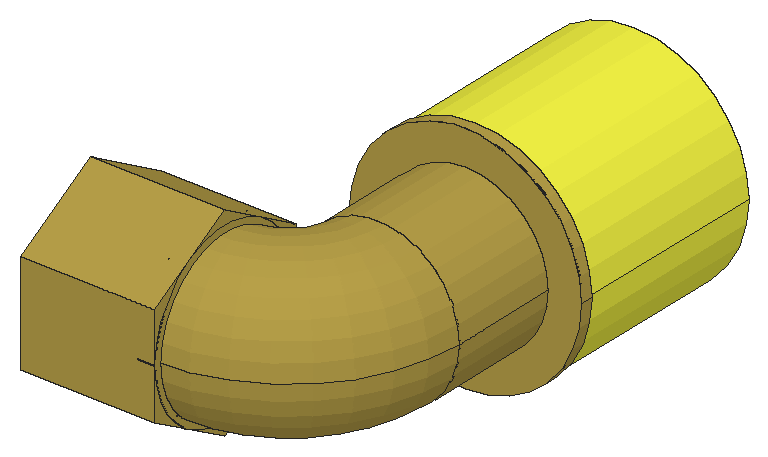
Revit family "Фитинг_Weser_Угольник 90° с внутренней резьбой", category Соединительные детали трубопроводов, Revit 2020
Family settings
  Размер круглого соединителя = Использовать диаметр
  Тип детали = Отвод
  Номер OmniClass = 23.60.30.11.14
  Заголовок OmniClass = Pipework Fittings
  На основе рабочей плоскости = Нет
  Всегда вертикально = Да
  При загрузке вырезать с полостями = Нет
  Общий = Нет
Parameters (values of type "Латунь")
  Отметка по умолчанию = 0 mm
  Материал = Латунь
  i1 [instance] = B / sqrt(3)  # 17.321 mm
  i [instance] = G / sqrt(3)  # 22.979 mm
  WSR_D2 [instance] = 25 mm
  WSR_D1 [instance] = 32 mm
  Rt1 [instance] = size_lookup(LT, "Rt", 4 mm, WSR_D1, WSR_D2)  # 2 mm
  Rt [instance] = not(Lt)  # yes
  Lt1 [instance] = size_lookup(LT, "Lt", 4 mm, WSR_D1, WSR_D2)  # 3 mm
  Lt [instance] = Rt1 > 2 mm  # no
  URL = "https://www.weser.ru/about/documentation/"
  Type Image = (empty or 0)
  Model = ""
  Manufacturer = ""
  R [instance] = size_lookup(LT, "R", WSR_D2, WSR_D1, WSR_D2)  # 25.5 mm
  LT = "Фитинг_Weser_Угольник 90° с внутренней резьбой(Наименование)"
  T [instance] = WSR_D1 - 4 mm  # 28 mm
  G [instance] = size_lookup(LT, "G", WSR_D2 + 3 mm, WSR_D1, WSR_D2)  # 39.8 mm
  B [instance] = size_lookup(LT, "B", WSR_D1 + 3 mm, WSR_D1, WSR_D2)  # 30 mm
  A [instance] = size_lookup(LT, "A", WSR_D1 - 3 mm, WSR_D1, WSR_D2)  # 25 mm
  Description = ""
  F [instance] = size_lookup(LT, "F", WSR_D2 * 2, WSR_D1, WSR_D2)  # 68 mm
  E [instance] = size_lookup(LT, "E", WSR_D2 * 1.5, WSR_D1, WSR_D2)  # 32.2 mm
  D [instance] = size_lookup(LT, "D", WSR_D1 * 2, WSR_D1, WSR_D2)  # 37 mm
  C [instance] = size_lookup(LT, "C", WSR_D1 - 3 mm, WSR_D1, WSR_D2)  # 20 mm
  ADSK_Наименование краткое [instance] = "Уг. НР"  # constant formula
  ADSK_Наименование [instance] = size_lookup(LT, "", "не найдено", WSR_D1, WSR_D2)  # "Угольник 90° с внутренней  резьбой 32-R1''ВР"
  ADSK_Масса [instance] = 0
  ADSK_Марка = "WESERpex"  # constant formula
  ADSK_Код изделия [instance] = size_lookup(LT, "art", "не найдено", WSR_D1, WSR_D2)  # "520123"
  ADSK_Завод-изготовитель = "Weser"  # constant formula
  ADSK_Единица измерения = "шт."  # constant formula
  ADSK_Группирование [instance] = ""
  ADSK_URL страницы изделия [instance] = ""
  ADSK_URL документации изделия [instance] = ""
Reference planes
  plane 1 "Center (Front/Back)": y = 0
  plane 2: z = 0
  plane 3 "Center (Left/Right)": x = 0
  plane 4: x = -37
  plane 5 "b2": y = 35.8
  plane 6 "b1": x = -17
  plane 7: y = 68
  plane 8: y = 14
  plane 9: y = -14
  plane 10: x = -14
  plane 11: x = 14
  plane 12: x = -14
  plane 13: y = 33.8
Forms (mm)
  Sweep 1, solid, material "Латунь" <- "Материал", detail levels fine
    path in 3D
      loop
        line (-17, 0, 0) -> (-15, 0, 0)
        arc (-15, 0, 0) -> (-4.393, 4.393, 0) -> (0, 15, 0) r 15
        line (0, 15, 0) -> (0, 35.8, 0)
    profile origin (-16, 0, 0) x (0, 1, 0) y (0, 0, 1)
      loop
        circle (0, 0) r 14
  Extrusion 2, solid, material "Латунь" <- "Материал", detail levels fine
    sketch origin (-17, 5.999, 1200) x (0, -1, 0) y (0, 0, 1)
      loop
        circle (5.999, -1200) r 12.5
    from 0 to 20
  Sweep 3, solid, material "Латунь" <- "Материал", detail levels fine
    path origin (0, 0, 0) x (1, 0, 0) y (0, 1, 0)
      loop
        line (0, 68) -> (0, 35.8)
    profile origin (0, 51.9, 0) x (1, 0, 0) y (0, 0, 1)
      loop
        circle (0, 0) r 12.75
  Extrusion 4, solid, material "Латунь" <- "Материал", detail levels fine
    sketch origin (-17, 5.999, 1200) x (0, -1, 0) y (0, 0, 1)
      loop
        circle (5.999, -1200) r 15
    from 0 to -3
  Extrusion 5, solid, material "Латунь" <- "Материал", detail levels fine
    sketch origin (-76.651, 35.8, 1200) x (-1, 0, 0) y (0, 0, 1)
      loop
        circle (-76.651, -1200) r 19.9
    from 0 to -2
  Extrusion 6, solid, material "Латунь" <- "Материал", visible <- "Lt", detail levels fine
    sketch origin (-76.651, 35.8, 1200) x (-1, 0, 0) y (0, 0, 1)
      loop
        line (-96.551, -1211.489) -> (-76.651, -1222.979) -> (-56.751, -1211.489) -> (-56.751, -1188.511) -> (-76.651, -1177.021) -> (-96.551, -1188.511) -> (-96.551, -1211.489)
    from 32.2 to -2
  Extrusion 7, solid, material "Латунь" <- "Материал", visible <- "Rt", detail levels fine
    sketch origin (-17, 5.999, 1200) x (0, -1, 0) y (0, 0, 1)
      loop
        line (20.999, -1191.34) -> (5.999, -1182.679) -> (-9.001, -1191.34) -> (-9.001, -1208.66) -> (5.999, -1217.321) -> (20.999, -1208.66) -> (20.999, -1191.34)
    from 20 to -3
Lines and regions (mm)
  reference lines
    curve 1: line (-17, 0, 0) -> (-15, 0, 0)
    curve 2: line (0, 68, 0) -> (0, 15, 0)
    curve 3: arc (-15, 0, 0) -> (-4.393, 4.393, 0) -> (0, 15, 0) r 15
  sketch lines
    curve 4: line (-17, 0, 0) -> (-15, 0, 0)
    curve 5: arc (-15, 0, 0) -> (-4.393, 4.393, 0) -> (0, 15, 0) r 15
    curve 11: line (0, 35.8, 0) -> (0, 15, 0)
  model lines, detail levels coarse+medium
    curve 6: line (-17, 0, 0) -> (-15, 0, 0)
    curve 7: line (0, 35.8, 0) -> (0, 15, 0)
    curve 8: line (-14, 35.8, 0) -> (14, 35.8, 0)
    curve 9: line (-17, 14, 0) -> (-17, -14, 0)
    curve 10: arc (-15, 0, 0) -> (-4.393, 4.393, 0) -> (0, 15, 0) r 15
Dimensions and locks
  "E": plane 5 "b2" to plane 7
  "C": plane 4 to plane 6 "b1"
  "F": plane 1 "Center (Front/Back)" to plane 7
  "D": plane 4 to plane 3 "Center (Left/Right)"
  equal spacing: plane 8, plane 1 "Center (Front/Back)", plane 9
  "T": plane 8 to plane 9
  equal spacing: plane 10, plane 3 "Center (Left/Right)", plane 11
  "T": plane 10 to plane 11
  locked: curve 3 to plane 10 at 1
  locked: curve 3 to plane 8 at 1
  "Lt1": plane 6 "b1" to plane 12
  "Rt1": plane 5 "b2" to plane 13
  equal spacing: Extrusion 6 sketch curve, curve 10, Extrusion 6 sketch curve  (x2)
  equal spacing: Extrusion 6 sketch curve, plane 3 "Center (Left/Right)", Extrusion 6 sketch curve
  "G": Extrusion 6 sketch curve to Extrusion 6 sketch curve  (x3)
  "i": Extrusion 6 sketch curve to Extrusion 6 sketch curve  (x6)
  equal spacing: Extrusion 7 sketch curve, plane 1 "Center (Front/Back)", Extrusion 7 sketch curve
  equal spacing: Extrusion 7 sketch curve, curve 10, Extrusion 7 sketch curve  (x2)
  "B": Extrusion 7 sketch curve to Extrusion 7 sketch curve  (x3)
  "i1": Extrusion 7 sketch curve to Extrusion 7 sketch curve  (x6)
  "T": diameter of Sweep 1 sketch curve
  "A": diameter of Extrusion 2 sketch curve
  "R": diameter of Sweep 3 sketch curve
  "B": diameter of Extrusion 4 sketch curve
  "G": diameter of Extrusion 5 sketch curve
  aligned and locked: level to plane 2
  aligned and locked: plane 6 "b1" to curve 1
  aligned and locked: plane 6 "b1" to curve 6
  aligned and locked: plane 1 "Center (Front/Back)" to curve 6
  aligned and locked: curve 7 to plane 3 "Center (Left/Right)"
  aligned and locked: plane 9 to curve 9
  aligned and locked: plane 6 "b1" to curve 9
  aligned and locked: plane 11 to curve 8
  aligned and locked: Extrusion 2 to plane 4
  aligned and locked: curve 10 to curve 3
  aligned and locked: plane 7 to Sweep 3 sketch curve
  aligned and locked: plane 5 "b2" to Sweep 3 sketch curve
  aligned and locked: Sweep 3 sketch curve to plane 3 "Center (Left/Right)"
  aligned and locked: plane 5 "b2" to nested 2
  aligned and locked: plane 6 "b1" to nested 1
  aligned and locked: nested 1 to plane 1 "Center (Front/Back)"
  aligned and locked: plane 3 "Center (Left/Right)" to nested 2
  aligned and locked: plane 12 to Extrusion 4
  aligned and locked: Extrusion 5 to plane 13
  aligned and locked: Extrusion 6 to plane 13
  aligned and locked: plane 12 to Extrusion 7
  aligned and locked: plane 7 to Extrusion 6
  aligned and locked: Extrusion 7 to plane 4
Automatic sketch dimensions
  curve 8 to plane 10 = 0 mm
  curve 9 to plane 8 = 0 mm
  plane 10 to curve 6 = 1 mm
  curve 7 to plane 5 "b2" = 0 mm
  curve 2 to plane 3 "Center (Left/Right)" = 0 mm
  curve 2 to plane 7 = 0 mm
  Sweep 1 sketch curve to profile plane = 0 mm  (x2)
  Extrusion 2 sketch curve to level = 0 mm
  Extrusion 2 sketch curve to plane 1 "Center (Front/Back)" = 0 mm
  Sweep 3 sketch curve to level = 0 mm
  profile plane to Sweep 3 sketch curve = 0 mm
  Extrusion 4 sketch curve to level = 0 mm
  Extrusion 4 sketch curve to plane 1 "Center (Front/Back)" = 0 mm
  Extrusion 5 sketch curve to level = 0 mm
  Extrusion 5 sketch curve to plane 3 "Center (Left/Right)" = 0 mm
Nested families
  nested 1: "Фитинг_Weser_Гильза монтажная, латунь" at (-17, 0, 0) x (-1, 0, 0) z (0, 0, 1), ADSK_Диаметр условный <- "WSR_D2", ADSK_Группирование <- "ADSK_Группирование", visible <- "Lt", Видимость <- "Lt", type "Желтая"
    with Радиус Наружный 17 mm, Радиус Внутренний 12.7 mm, ADSK_Наименование "Гильза монтажная DN25", Длина 25 mm, Видимость no, ADSK_Примечание "", ADSK_Масса_Текст "", ADSK_Код изделия "520031", ADSK_Диаметр условный 25 mm, ADSK_Группирование "", ADSK_URL страницы изделия "", ADSK_URL документации изделия ""
  nested 2: "Фитинг_Weser_Гильза монтажная, латунь" at (0, 35.8, 0) x (0, 1, 0) z (0, 0, 1), ADSK_Диаметр условный <- "WSR_D1", ADSK_Группирование <- "ADSK_Группирование", visible <- "Rt", Видимость <- "Rt", type "Желтая"
    with Радиус Наружный 19.5 mm, Радиус Внутренний 16.4 mm, ADSK_Наименование "Гильза монтажная DN32", Длина 34 mm, Видимость yes, ADSK_Примечание "", ADSK_Масса_Текст "", ADSK_Код изделия "520032", ADSK_Диаметр условный 32 mm, ADSK_Группирование "", ADSK_URL страницы изделия "", ADSK_URL документации изделия ""
Connectors
  piping at (0, 35.8, 0), diameter 25, driven by "WSR_D2"
    settings: on Sweep 1, index 1, connector inside diameter 609.6 mm, connector length 0 mm, flow factor 0, pipe flow 0.0 L/s, pressure drop 0.0 Pa, fitting loss kfactor 0, connector angle 0.00°, fixture units 0, engagement length 0 mm, angle of deflection 0.00°, flow configuration 0, flow direction 0, fitting loss method 0, system type 29, joint type 0, gender type 0, connector reference index 2, connector utility 0, adjustable connector no, is connector primary no, connector description ""
  piping at (-17, 0, 0), diameter 32, driven by "WSR_D1"
    settings: on Sweep 1, index 2, connector inside diameter 609.6 mm, connector length 0 mm, flow factor 0, pipe flow 0.0 L/s, pressure drop 0.0 Pa, fitting loss kfactor 0, connector angle 0.00°, fixture units 0, engagement length 0 mm, angle of deflection 0.00°, flow configuration 0, flow direction 0, fitting loss method 0, system type 29, joint type 0, gender type 0, connector reference index 1, connector utility 0, adjustable connector no, is connector primary yes, connector description ""
Definition of nested family "Фитинг_Weser_Гильза монтажная, латунь"
  Parameters (values of type "Желтая")
    Радиус Внутренний [instance] = size_lookup(Поиск в таблице имен, "Rv", ADSK_Диаметр условный / 1.9, ADSK_Диаметр условный)  # 16.4 mm
    Поиск в таблице имен 2 = "Фитинг_Weser_Гильза_монтажная_латунь(Код)"
    Default Elevation = 0 mm
    Материал = none
    Видимость [instance] = yes
    URL = ""
    Type Image = (empty or 0)
    Manufacturer = ""
    Поиск в таблице имен = "Фитинг_Weser_Гильза_монтажная_латунь(Наименование)"
    Длина [instance] = size_lookup(Поиск в таблице имен, "Length", ADSK_Диаметр условный, ADSK_Диаметр условный)  # 34 mm
    Радиус Наружный [instance] = size_lookup(Поиск в таблице имен, "Rn", ADSK_Диаметр условный / 1.5, ADSK_Диаметр условный)  # 19.5 mm
    Description = ""
    ADSK_Примечание [instance] = ""
    ADSK_Наименование краткое = ""
    ADSK_Наименование [instance] = size_lookup(Поиск в таблице имен, "", "Решение не найдено", ADSK_Диаметр условный)  # "Гильза монтажная DN32"
    ADSK_Масса_Текст [instance] = ""
    ADSK_Марка = ""
    ADSK_Код изделия [instance] = size_lookup(Поиск в таблице имен 2, "", "Решение не найдено", ADSK_Диаметр условный)  # "520032"
    ADSK_Завод-изготовитель = ""
    ADSK_Единица измерения = "шт."  # constant formula
    ADSK_Диаметр условный [instance] = 32 mm
    ADSK_Группирование [instance] = ""
    ADSK_URL страницы изделия [instance] = ""
    ADSK_URL документации изделия [instance] = ""
  Reference planes
    plane 1 "Center (Front/Back)": y = 0
    plane 2: z = 0
    plane 3 "Center (Left/Right)": x = 0
    plane 4: x = 34
    plane 5: y = 19.5
    plane 6: y = 50
    plane 7: y = 16.4
    plane 8: x = 5
  Forms (mm)
    Revolve 1, solid, material <- "Материал", visible <- "Видимость", detail levels fine
      sketch origin (0, 0, 0) x (1, 0, 0) y (0, 1, 0)
        loop
          line (0, 16.4) -> (34, 16.4) -> (34, 19.5) -> (0, 19.5) -> (0, 16.4)
        axis (34, 0) -> (0, 0)
      angle from 0 to 360
  Lines and regions (mm)
    reference lines
      curve 1: line (0, 0, 0) -> (34, 0, 0)
  Dimensions and locks
    "Длина": plane 3 "Center (Left/Right)" to plane 4
    "Радиус Наружный": plane 5 to plane 1 "Center (Front/Back)"
    locked: plane 6 to plane 1 "Center (Front/Back)" at 50
    "Радиус Внутренний": plane 7 to plane 1 "Center (Front/Back)"
    locked: plane 3 "Center (Left/Right)" to plane 8 at 5
    aligned and locked: level to plane 2
    aligned and locked: plane 4 to curve 1
    aligned and locked: plane 3 "Center (Left/Right)" to curve 1
    aligned and locked: plane 1 "Center (Front/Back)" to curve 1
    aligned and locked: plane 4 to Revolve 1 sketch curve
    aligned and locked: Revolve 1 sketch curve to plane 5
    aligned and locked: plane 3 "Center (Left/Right)" to Revolve 1 sketch curve
    aligned and locked: Revolve 1 sketch curve to plane 7
  Automatic sketch dimensions
    plane 1 "Center (Front/Back)" to Revolve 1 sketch curve = 0 mm
    Revolve 1 sketch curve to plane 3 "Center (Left/Right)" = 78.702 mm
    plane 4 to Revolve 1 sketch curve = 90.298 mm
